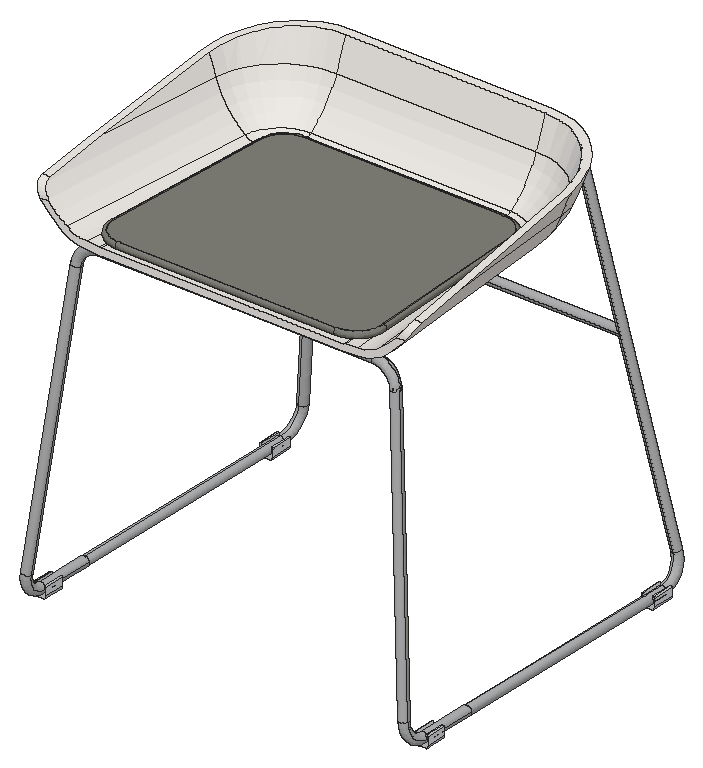
Revit family "revitupgrade", category Furniture, Revit 2018
Family settings
  Work Plane-Based = No
  Always vertical = Yes
  Cut with Voids When Loaded = No
  Shared = No
  Room Calculation Point = No
Parameters (values of type "with Upholstered Seat")
  Upholstery [instance] = Steelcase - BR08 Celery
  Upholstered Seat Cushion = yes
  URL = "https://www.steelcase.com"
  Symbol Name = "TS3704"
  Style Number(s) = "TS30704"
  Seat [instance] = Steelcase - 6618 White
  Release Date = "April 2018"  # constant formula
  Product Line = "Turnstone"  # constant formula
  Product = "Scoop"  # constant formula
  Opaque [instance] = yes
  Manufacturer = "Steelcase"  # constant formula
  Frame [instance] = Steelcase - 4799 Platinum Metallic
  Description = ""
  Copyright = "© 2010 Steelcase Inc."  # constant formula
  AutoCAD Tag = "SCOOP"  # constant formula
  Authoring Version = "Revit 2016"  # constant formula
  Assembly Code = "E2020200"
Types (2): name | Upholstered Seat Cushion | Symbol Name | Style Number(s) | Frame
  No Upholstered Seat | no | "TS3703" | "TS30703" | Steelcase - 6618 White
  with Upholstered Seat | yes | "TS3704" | "TS30704" | Steelcase - 4799 Platinum Metallic
Reference planes (in)
  plane 1 "Front": y = 0
  plane 2 "Bottom": z = 0
  plane 3 "Center Left/Right": x = 0
  plane 4: through (-10.26119, -180, 0.42307) normal (-0.9872, 0, 0.1592)
  plane 5: through (-10.27283, -180, 0.35089) normal (-0.9945, 0, 0.1045)
  plane 6: through (0, 0.96131, 16.58001) normal (0, 0.9962, -0.0872)
  plane 7: through (0, 15.22848, 20.23932) normal (0, -0.9903, -0.1392)
Forms (in)
  Sweep 1, solid, material "Steelcase - 6618 White" <- "Seat"
    path origin (180, 0, 0) x (1, 0, 0) y (0, 1, 0)
      loop
        line (-186.53428, -0.8001) -> (-185.51226, 10.65439)
        arc (-185.51226, 10.65439) -> (-185.46409, 10.75174) -> (-185.36285, 10.79106) r 0.15
        line (-185.36285, 10.79106) -> (-174.63715, 10.79106)
        arc (-174.63715, 10.79106) -> (-174.53591, 10.75174) -> (-174.48774, 10.65439) r 0.15
        line (-174.48774, 10.65439) -> (-173.46572, -0.8001)
    profile origin (0, 10.79106, 0) x (0, 1, 0) y (0, 0, 1)
      loop
        line (0.05035, 18.00107) -> (0.08413, 18.00107)
        arc (0.08413, 18.00107) -> (0.15067, 18.00312) -> (0.21696, 18.00926) r 1.08118
        arc (0.21696, 18.00926) -> (0.53401, 18.04187) -> (0.85214, 18.06133) r 7.70327
        arc (0.85214, 18.06133) -> (1.50241, 18.1741) -> (2.10113, 18.45179) r 2.52068
        arc (2.10113, 18.45179) -> (3.22113, 19.4442) -> (3.97339, 20.73781) r 4.71092
        arc (3.97339, 20.73781) -> (4.32001, 21.66549) -> (4.64867, 22.59967) r 51.35089
        line (4.64867, 22.59967) -> (4.25759, 22.59967)
        arc (4.25759, 22.59967) -> (3.95063, 21.73232) -> (3.62806, 20.87065) r 50.98089
        arc (3.62806, 20.87065) -> (2.93489, 19.67864) -> (1.90284, 18.76417) r 4.34092
        arc (1.90284, 18.76417) -> (1.39201, 18.52724) -> (0.83719, 18.43103) r 2.15068
        arc (0.83719, 18.43103) -> (0.50378, 18.41063) -> (0.1715, 18.37646) r 8.07327
        arc (0.1715, 18.37646) -> (0.1279, 18.37242) -> (0.08413, 18.37107) r 0.71118
        line (0.08413, 18.37107) -> (0.05035, 18.37107) -> (0.05035, 18.00107)
  Extrusion 2, void
    sketch origin (-8.04536, 5.95107, 48) x (0, -1, 0) y (0, 0, 1)
      loop
        line (-9.54849, -25.43864) -> (5.20014, -27.65585)
        arc (5.20014, -27.65585) -> (5.6593, -27.90166) -> (5.85955, -28.38244) r 0.77582
        line (5.85955, -28.38244) -> (5.95659, -30.234) -> (7.20107, -30.234) -> (7.20107, -24.99592) -> (-9.54849, -24.99592) -> (-9.54849, -25.43864)
    from -20.13826 to 4.20464
  Extrusion 3, solid, material "Steelcase - 6618 White" <- "Seat"
    sketch origin (0, 0, 0) x (1, 0, 0) y (0, 1, 0)
      loop
        line (-5.56241, 10.65887) -> (-6.51285, 0.00674) -> (6.51285, 0.00674) -> (5.56241, 10.65887)
        arc (5.56241, 10.65887) -> (5.49808, 10.7889) -> (5.36285, 10.84142) r 0.20035
        line (5.36285, 10.84142) -> (-5.36285, 10.84142)
        arc (-5.36285, 10.84142) -> (-5.49808, 10.7889) -> (-5.56241, 10.65887) r 0.20035
    from 18 to 18.37107
  Sweep 4, solid, material "Steelcase - 4799 Platinum Metallic" <- "Frame"
    path origin (-10.26119, -180, 0.42307) x (-0.159228, 0, -0.987242) y (0, -1, 0)
      loop
        line (-20.18039, -195.46618) -> (-1.41101, -197.99489)
        arc (-1.41101, -197.99489) -> (-0.42135, -197.69712) -> (0.00589, -196.75608) r 1.25
        line (0.00589, -196.75608) -> (0.00589, -183.61454)
    profile origin (-8.54221, 16.73054, 11.08103) x (-0.02126, -0.991046, -0.131815) y (-0.987242, 0, 0.159228)
      loop
        circle (0, 0) r 0.25
  Sweep 5, solid, material "Steelcase - 4799 Platinum Metallic" <- "Frame"
    path origin (-10.27283, -180, 0.35089) x (-0.104528, 0, -0.994522) y (0, -1, 0)
      loop
        line (-0.06731, -183.61454) -> (-0.06731, -180.71688)
        arc (-0.06731, -180.71688) -> (-0.44709, -179.8583) -> (-1.33784, -179.56172) r 1.1604
        line (-1.33784, -179.56172) -> (-16.2899, -180.98732)
    profile origin (-10.26579, 2.16571, 0.41783) x (0.104528, 0, 0.994522) y (-0.994522, 0, 0.104528)
      loop
        circle (0, 0) r 0.25
  Sweep 6, solid, material "Steelcase - 4799 Platinum Metallic" <- "Frame"
    path origin (0, 0.96131, 16.58001) x (0, -0.087156, -0.996195) y (-1, 0, 0)
      loop
        arc (0.09639, 8.82725) -> (-0.82674, 8.35654) -> (-1.198, 7.38911) r 1.44612
        line (-1.198, 7.38911) -> (-1.198, 0) -> (-1.198, -7.38911)
        arc (-1.198, -7.38911) -> (-0.82674, -8.35654) -> (0.09639, -8.82725) r 1.44612
    profile origin (-3.69456, 1.06572, 17.77344) x (0, -0.087156, -0.996195) y (0, 0.996195, -0.087156)
      loop
        circle (0.24905, 0.02179) r 0.25
  Sweep 7, solid
    path origin (0, 15.22848, 20.23932) x (0, -0.139173, 0.990268) y (-1, 0, 0)
      loop
        arc (0.06771, 7.31058) -> (0.8747, 6.83408) -> (1.19236, 5.95239) r 1.38243
        line (1.19236, 5.95239) -> (1.19236, -5.95239)
        arc (1.19236, -5.95239) -> (0.8747, -6.83408) -> (0.06771, -7.31058) r 1.38243
    profile origin (0, 15.06254, 21.42008) x (0, -0.139173, 0.990268) y (0, -0.990268, -0.139173)
      loop
        circle (-0.25, -0.25) r 0.25
  Sweep 8, solid, material "Steelcase - 4799 Platinum Metallic" <- "Frame"
    path origin (10.26119, -180, 0.42307) x (0.159228, 0, -0.987242) y (0, 1, 0)
      loop
        line (-20.18039, 195.46618) -> (-1.41101, 197.99489)
        arc (-1.41101, 197.99489) -> (-0.42135, 197.69712) -> (0.00589, 196.75608) r 1.25
        line (0.00589, 196.75608) -> (0.00589, 183.61454)
    profile origin (8.54221, 16.73054, 11.08103) x (-0.02126, 0.991046, 0.131815) y (0.987242, 0, 0.159228)
      loop
        circle (0, 0) r 0.25
  Sweep 9, solid, material "Steelcase - 4799 Platinum Metallic" <- "Frame"
    path origin (10.27283, -180, 0.35089) x (0.104528, 0, -0.994522) y (0, 1, 0)
      loop
        line (-0.06731, 183.61454) -> (-0.06731, 180.71688)
        arc (-0.06731, 180.71688) -> (-0.44709, 179.8583) -> (-1.33784, 179.56172) r 1.1604
        line (-1.33784, 179.56172) -> (-16.2899, 180.98732)
    profile origin (10.26579, 2.16571, 0.41783) x (0.104528, 0, -0.994522) y (0.994522, 0, 0.104528)
      loop
        circle (0, 0) r 0.25
  Sweep 10, solid, material "Steelcase - 4799 Platinum Metallic" <- "Frame"
    path origin (0, 0, 0) x (0, 1, 0) y (0, 0, 1)
      loop
        line (2.33213, 17.5) -> (11.42505, 17.5)
        arc (11.42505, 17.5) -> (14.15423, 18.59414) -> (15.37178, 21.27055) r 3.95085
    profile origin (0, 6.87859, 17.5) x (0, 0, 1) y (1, 0, 0)
      loop
        circle (0, -3.79944) r 0.25
      loop
        circle (0, 3.79944) r 0.25
  Sweep 11, solid, material "Steelcase - 4799 Platinum Metallic" <- "Frame"
    path origin (0, 0, 0) x (1, 0, 0) y (0, 1, 0)
      loop
        arc (3.79944, 2.33674) -> (3.57977, 1.80641) -> (3.04944, 1.58674) r 0.75
        line (3.04944, 1.58674) -> (-3.04944, 1.58674)
        arc (-3.04944, 1.58674) -> (-3.57977, 1.80641) -> (-3.79944, 2.33674) r 0.75
    profile origin (0, 1.58674, 0) x (0, -1, 0) y (0, 0, 1)
      loop
        circle (-0.05574, 17.4998) r 0.25
  Extrusion 12, solid, material "Steelcase - 4799 Platinum Metallic" <- "Frame"
    sketch origin (0, 0, 0) x (1, 0, 0) y (0, 1, 0)
      loop
        line (-4.04849, 11.60632) -> (-4.04849, 1.10632) -> (4.04765, 1.10632) -> (4.04765, 11.60632) -> (-4.04849, 11.60632)
    from 17.766 to 18
  Extrusion 13, solid, material "Steelcase - 4799 Platinum Metallic" <- "Frame"
    sketch origin (0, 0, 0) x (0, 1, 0) y (0, 0, 1)
      loop
        circle (16.55437, 12.32258) r 0.25
    from -8.328 to 8.32109
  Sweep 14, solid, material "Steelcase - BR08 Celery" <- "Upholstery", visible <- "Upholstered Seat Cushion"
    path origin (0, 0, 0) x (1, 0, 0) y (0, 1, 0)
      loop
        arc (6.7084, 11.00355) -> (6.29639, 11.89207) -> (5.38645, 12.25432) r 1.32397
        line (5.38645, 12.25432) -> (-5.38645, 12.25432)
        arc (-5.38645, 12.25432) -> (-6.29639, 11.89207) -> (-6.7084, 11.00355) r 1.32397
        line (-6.7084, 11.00355) -> (-7.21783, 1.80333)
        arc (-7.21783, 1.80333) -> (-6.85184, 0.80446) -> (-5.87473, 0.38381) r 1.34515
        line (-5.87473, 0.38381) -> (5.87473, 0.38381)
        arc (5.87473, 0.38381) -> (6.85184, 0.80446) -> (7.21783, 1.80333) r 1.34515
        line (7.21783, 1.80333) -> (6.7084, 11.00355)
    profile origin (6.96311, 6.40344, 0) x (0.998471, 0.055287, 0) y (0, 0, 1)
      loop
        arc (0, 18.41237) -> (0.16881, 18.58119) -> (0, 18.75) r 0.16881
        line (0, 18.75) -> (0, 18.41237)
  Extrusion 15, solid, material "Steelcase - BR08 Celery" <- "Upholstery", visible <- "Upholstered Seat Cushion"
    sketch origin (0, 0, 0) x (1, 0, 0) y (0, 1, 0)
      loop
        arc (-5.38645, 12.25432) -> (-6.29639, 11.89207) -> (-6.7084, 11.00355) r 1.32397
        line (-6.7084, 11.00355) -> (-7.21783, 1.80333)
        arc (-7.21783, 1.80333) -> (-6.85184, 0.80446) -> (-5.87473, 0.38381) r 1.34515
        line (-5.87473, 0.38381) -> (5.87473, 0.38381)
        arc (5.87473, 0.38381) -> (6.85184, 0.80446) -> (7.21783, 1.80333) r 1.34515
        line (7.21783, 1.80333) -> (6.7084, 11.00355)
        arc (6.7084, 11.00355) -> (6.29639, 11.89207) -> (5.38645, 12.25432) r 1.32397
        line (5.38645, 12.25432) -> (-5.38645, 12.25432)
    from 18.41237 to 18.75
  Extrusion 16, solid
    sketch origin (0, 0, 0) x (1, 0, 0) y (0, 0, 1)
      loop
        arc (-10.54399, 0.6557) -> (-10.59167, 0.63594) -> (-10.61142, 0.58826) r 0.06743
        line (-10.61142, 0.58826) -> (-10.61142, 0.16)
        arc (-10.61142, 0.16) -> (-10.56456, 0.04686) -> (-10.45142, 0) r 0.16
        line (-10.45142, 0) -> (-10.07999, 0)
        arc (-10.07999, 0) -> (-9.96685, 0.04686) -> (-9.91999, 0.16) r 0.16
        line (-9.91999, 0.16) -> (-9.91999, 0.5857)
        arc (-9.91999, 0.5857) -> (-9.9359, 0.63013) -> (-9.9764, 0.65436) r 0.07
        line (-9.9764, 0.65436) -> (-10.01532, 0.37745)
        arc (-10.01532, 0.37745) -> (-10.11575, 0.21459) -> (-10.30193, 0.17044) r 0.25
        arc (-10.30193, 0.17044) -> (-10.45246, 0.25516) -> (-10.51213, 0.41725) r 0.25
        line (-10.51213, 0.41725) -> (-10.48707, 0.6557) -> (-10.54399, 0.6557)
      loop
        line (10.54399, 0.6557) -> (10.48707, 0.6557) -> (10.51213, 0.41725)
        arc (10.51213, 0.41725) -> (10.45246, 0.25516) -> (10.30193, 0.17044) r 0.25
        arc (10.30193, 0.17044) -> (10.11575, 0.21459) -> (10.01532, 0.37745) r 0.25
        line (10.01532, 0.37745) -> (9.9764, 0.65436)
        arc (9.9764, 0.65436) -> (9.9359, 0.63013) -> (9.91999, 0.5857) r 0.07
        line (9.91999, 0.5857) -> (9.91999, 0.16)
        arc (9.91999, 0.16) -> (9.96685, 0.04686) -> (10.07999, 0) r 0.16
        line (10.07999, 0) -> (10.45142, 0)
        arc (10.45142, 0) -> (10.56456, 0.04686) -> (10.61142, 0.16) r 0.16
        line (10.61142, 0.16) -> (10.61142, 0.58826)
        arc (10.61142, 0.58826) -> (10.59167, 0.63594) -> (10.54399, 0.6557) r 0.06743
    from -1.68405 to -0.61368
  Extrusion 17, solid
    sketch origin (0, 0, 0) x (1, 0, 0) y (0, 0, 1)
      loop
        arc (-10.54399, 0.6557) -> (-10.59167, 0.63594) -> (-10.61142, 0.58826) r 0.06743
        line (-10.61142, 0.58826) -> (-10.61142, 0.16)
        arc (-10.61142, 0.16) -> (-10.56456, 0.04686) -> (-10.45142, 0) r 0.16
        line (-10.45142, 0) -> (-10.07999, 0)
        arc (-10.07999, 0) -> (-9.96685, 0.04686) -> (-9.91999, 0.16) r 0.16
        line (-9.91999, 0.16) -> (-9.91999, 0.5857)
        arc (-9.91999, 0.5857) -> (-9.9359, 0.63013) -> (-9.9764, 0.65436) r 0.07
        line (-9.9764, 0.65436) -> (-10.01532, 0.37745)
        arc (-10.01532, 0.37745) -> (-10.11575, 0.21459) -> (-10.30193, 0.17044) r 0.25
        arc (-10.30193, 0.17044) -> (-10.45246, 0.25516) -> (-10.51213, 0.41725) r 0.25
        line (-10.51213, 0.41725) -> (-10.48707, 0.6557) -> (-10.54399, 0.6557)
      loop
        line (10.54399, 0.6557) -> (10.48707, 0.6557) -> (10.51213, 0.41725)
        arc (10.51213, 0.41725) -> (10.45246, 0.25516) -> (10.30193, 0.17044) r 0.25
        arc (10.30193, 0.17044) -> (10.11575, 0.21459) -> (10.01532, 0.37745) r 0.25
        line (10.01532, 0.37745) -> (9.9764, 0.65436)
        arc (9.9764, 0.65436) -> (9.9359, 0.63013) -> (9.91999, 0.5857) r 0.07
        line (9.91999, 0.5857) -> (9.91999, 0.16)
        arc (9.91999, 0.16) -> (9.96685, 0.04686) -> (10.07999, 0) r 0.16
        line (10.07999, 0) -> (10.45142, 0)
        arc (10.45142, 0) -> (10.56456, 0.04686) -> (10.61142, 0.16) r 0.16
        line (10.61142, 0.16) -> (10.61142, 0.58826)
        arc (10.61142, 0.58826) -> (10.59167, 0.63594) -> (10.54399, 0.6557) r 0.06743
    from -16.96497 to -15.82283
Cuts and joins
  Extrusion 2 cuts Sweep 1
  Extrusion 2 cuts Extrusion 3
  joined: Sweep 1, Extrusion 3
Lines and regions (in)
  Masking region 1, visible <- "Opaque"
    outline origin (180, 0, 0) x (1, 0, 0) y (0, 1, 0)
      loop
        arc (-191.57931, 0.61368) -> (-191.55617, 0.01942) -> (-191.45844, -0.5672) r 4.71631
        arc (-191.45844, -0.5672) -> (-191.29841, -0.73999) -> (-191.06306, -0.73095) r 0.28182
        line (-191.06306, -0.73095) -> (-189.71655, 0.00006) -> (-180, 0.00006) -> (-170.28345, 0.00006) -> (-168.93694, -0.73095)
        arc (-168.93694, -0.73095) -> (-168.70159, -0.73999) -> (-168.54156, -0.5672) r 0.28182
        arc (-168.54156, -0.5672) -> (-168.44383, 0.01942) -> (-168.42069, 0.61368) r 4.71631
        line (-168.42069, 0.61368) -> (-168.42069, 18.1313) -> (-168.48254, 19.12973)
        arc (-168.48254, 19.12973) -> (-168.6537, 19.43056) -> (-168.99976, 19.4371) r 0.34994
        line (-168.99976, 19.4371) -> (-173.13919, 15.62368)
        arc (-173.13919, 15.62368) -> (-173.62115, 15.55536) -> (-174.10769, 15.5403) r 4.4316
        line (-174.10769, 15.5403) -> (-179.99994, 15.5403) -> (-185.89231, 15.5403)
        arc (-185.89231, 15.5403) -> (-186.37885, 15.55536) -> (-186.86081, 15.62368) r 4.4316
        line (-186.86081, 15.62368) -> (-191.00024, 19.4371)
        arc (-191.00024, 19.4371) -> (-191.3463, 19.43056) -> (-191.51746, 19.12973) r 0.34994
        line (-191.51746, 19.12973) -> (-191.57931, 18.1313) -> (-191.57931, 0.61368)
  symbolic lines, style "Steelcase Furniture"
    curve 1: line (-6.86081, 15.62368, 0) -> (-11.00024, 19.4371, 0)
    curve 2: line (0.00006, 15.5403, 0) -> (-5.89231, 15.5403, 0)
    curve 3: arc (-5.89231, 15.5403, 0) -> (-6.37885, 15.55536, 0) -> (-6.86081, 15.62368, 0) r 4.4316
    curve 4: arc (-11.00024, 19.4371, 0) -> (-11.3463, 19.43056, 0) -> (-11.51746, 19.12973, 0) r 0.34994
    curve 5: line (-11.51746, 19.12973, 0) -> (-11.57931, 18.1313, 0)
    curve 6: line (-11.57931, 18.1313, 0) -> (-11.57931, 0.61368, 0)
    curve 7: arc (-11.57931, 0.61368, 0) -> (-11.55617, 0.01942, 0) -> (-11.45844, -0.5672, 0) r 4.71631
    curve 8: arc (-11.45844, -0.5672, 0) -> (-11.29841, -0.73999, 0) -> (-11.06306, -0.73095, 0) r 0.28182
    curve 9: line (-11.06306, -0.73095, 0) -> (-9.71655, 0.00006, 0)
    curve 10: line (-9.71655, 0.00006, 0) -> (0, 0.00006, 0)
    curve 23: line (6.86081, 15.62368, 0) -> (11.00024, 19.4371, 0)
    curve 24: line (0.00006, 15.5403, 0) -> (5.89231, 15.5403, 0)
    curve 25: arc (5.89231, 15.5403, 0) -> (6.37885, 15.55536, 0) -> (6.86081, 15.62368, 0) r 4.4316
    curve 26: arc (11.00024, 19.4371, 0) -> (11.3463, 19.43056, 0) -> (11.51746, 19.12973, 0) r 0.34994
    curve 27: line (11.51746, 19.12973, 0) -> (11.57931, 18.1313, 0)
    curve 28: line (11.57931, 18.1313, 0) -> (11.57931, 0.61368, 0)
    curve 29: arc (11.57931, 0.61368, 0) -> (11.55617, 0.01942, 0) -> (11.45844, -0.5672, 0) r 4.71631
    curve 30: arc (11.45844, -0.5672, 0) -> (11.29841, -0.73999, 0) -> (11.06306, -0.73095, 0) r 0.28182
    curve 31: line (11.06306, -0.73095, 0) -> (9.71655, 0.00006, 0)
    curve 32: line (9.71655, 0.00006, 0) -> (0, 0.00006, 0)
  symbolic lines, style "Steelcase Furniture", detail levels medium+fine
    curve 11: line (-6.39231, 0.79106, 0) -> (-5.50006, 10.79106, 0)
    curve 12: line (-6.39231, 0.00006, 0) -> (-6.39231, 0.79106, 0)
    curve 13: line (-11.03831, -0.14862, 0) -> (-9.76998, 0.54005, 0)
    curve 14: line (-11.30381, -0.29282, 0) -> (-11.03831, -0.14862, 0)
    curve 15: line (-11.07931, 18.13386, 0) -> (-11.07931, 0.61362, 0)
    curve 16: arc (-11.07931, 0.61362, 0) -> (-11.07054, 0.23187, 0) -> (-11.03831, -0.14862, 0) r 6.20575
    curve 17: arc (-9.04015, 13.14718, 0) -> (-9.52584, 6.94646, 0) -> (-9.79181, 0.73244, 0) r 175.74829
    curve 18: line (-9.79181, 0.73244, 0) -> (-9.70869, 0.00006, 0)
    curve 19: arc (-6.68422, 15.28743, 0) -> (-8.27569, 14.67248, 0) -> (-9.04015, 13.14718, 0) r 2.3668
    curve 20: line (-7.15977, 15.22023, 0) -> (-11.04731, 18.80155, 0)
    curve 21: line (-11.04731, 18.80155, 0) -> (-11.07931, 18.13386, 0)
    curve 22: line (0, 15.28743, 0) -> (-6.68422, 15.28743, 0)
    curve 33: line (6.39231, 0.79106, 0) -> (5.50006, 10.79106, 0)
    curve 34: line (6.39231, 0.00006, 0) -> (6.39231, 0.79106, 0)
    curve 35: line (11.03831, -0.14862, 0) -> (9.76998, 0.54005, 0)
    curve 36: line (11.30381, -0.29282, 0) -> (11.03831, -0.14862, 0)
    curve 37: line (11.07931, 18.13386, 0) -> (11.07931, 0.61362, 0)
    curve 38: arc (11.07931, 0.61362, 0) -> (11.07054, 0.23187, 0) -> (11.03831, -0.14862, 0) r 6.20575
    curve 39: arc (9.04015, 13.14718, 0) -> (9.52584, 6.94646, 0) -> (9.79181, 0.73244, 0) r 175.74829
    curve 40: line (9.79181, 0.73244, 0) -> (9.70869, 0.00006, 0)
    curve 41: arc (6.68422, 15.28743, 0) -> (8.27569, 14.67248, 0) -> (9.04015, 13.14718, 0) r 2.3668
    curve 42: line (7.15977, 15.22023, 0) -> (11.04731, 18.80155, 0)
    curve 43: line (11.04731, 18.80155, 0) -> (11.07931, 18.13386, 0)
    curve 44: line (0, 15.28743, 0) -> (6.68422, 15.28743, 0)
    curve 45: line (-5.50006, 10.79106, 0) -> (5.50006, 10.79106, 0)
Dimensions and locks (in)
  aligned and locked: level to plane 2 "Bottom"
